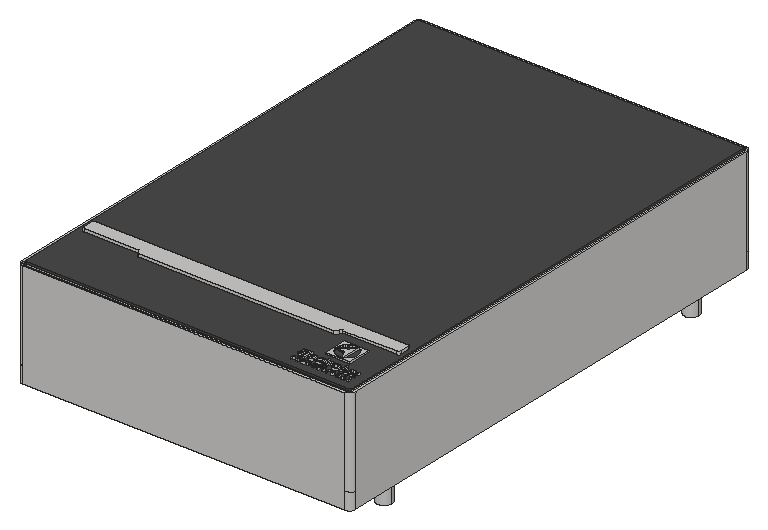
Revit family "QF_ELECTROLUXPROFESSIONAL_600903_E1HAEEOMCU", category Specialty Equipment, Revit 2018
Family settings
  Round Connector Dimension = Use Diameter
  Part Type = Normal
  Work Plane-Based = No
  Always vertical = Yes
  Cut with Voids When Loaded = No
  Shared = No
  Room Calculation Point = No
Parameters (values of type "Standard")
  Watts = 0 W
  Volts = 220 V
  URL = "http://professional.electrolux.com"
  Steam Supply Size = 0 mm
  Steam Supply Minimum Pressure = 0.0 Pa
  Steam Supply Maximum Pressure = 0.0 Pa
  Steam Pounds per Hour = 0
  Show Logo [instance] = yes
  Manufacturer = "Electrolux Professional"
  Phase = 1
  Model = "E1HAEEOMCS"
  Item Number = "600879"
  Hot Water Size = 0 mm
  HP = "4 HP"
  Gas Size = 0 mm
  Gas KW = 0
  Direct Waste Size = 0 mm
  Description = "PLUG-IN INDUCTION DOUBLE ZONE COOK TOP"
  Cycle = 60 Hz
  Condensate Return Size = 0 mm
  Compressed Air Volume = 0.0 L/s
  Compressed Air Size = 0 mm
  Compressed Air Pressure = 0.0 Pa
  Cold Water Size = 0 mm
Values of the unnamed type that differ from the named types
  Volts = 0 V
  Item Number = ""
  Cycle = 0 Hz
Reference planes
  plane 1 "Centro (Fronte/Retro)": y = 74.737
  plane 2: z = 0
  plane 3: x = -514.269
  plane 4 "LEFT": x = -714.269
  plane 5 "RIGHT": x = -314.269
  plane 6 "BACK": y = 374.737
  plane 7 "FRONT": y = -225.263
  plane 8: x = -712.269
  plane 9: y = 372.737
  plane 10: x = -316.269
  plane 11: y = -223.263
  plane 12: y = -124.263
  plane 13: x = -698.269
  plane 14: x = -330.269
  plane 15: y = 304.737
  plane 16: y = -155.263
  plane 17: x = -442.269
  plane 18: y = 179.737
  plane 19: z = 764
Forms (mm)
  Extrusion 1, solid, material "QF_Finishes_Stainless Steel"
    sketch origin (0, 0, 788) x (1, 0, 0) y (0, 1, 0)
      loop
        arc (-707.269, 374.737) -> (-712.218, 372.687) -> (-714.269, 367.737) r 7
        line (-714.269, 367.737) -> (-714.269, -218.263)
        arc (-714.269, -218.263) -> (-712.218, -223.213) -> (-707.269, -225.263) r 7
        line (-707.269, -225.263) -> (-321.269, -225.263)
        arc (-321.269, -225.263) -> (-316.319, -223.213) -> (-314.269, -218.263) r 7
        line (-314.269, -218.263) -> (-314.269, 367.737)
        arc (-314.269, 367.737) -> (-316.319, 372.687) -> (-321.269, 374.737) r 7
        line (-321.269, 374.737) -> (-707.269, 374.737)
    from 0 to 20
  Extrusion 2, solid, material "QF_Finishes_Stainless Steel"
    sketch origin (0, 0, 788) x (1, 0, 0) y (0, 1, 0)
      loop
        line (-321.269, 374.737) -> (-707.269, 374.737)
        arc (-707.269, 374.737) -> (-712.218, 372.687) -> (-714.269, 367.737) r 7
        line (-714.269, 367.737) -> (-714.269, -218.263)
        arc (-714.269, -218.263) -> (-712.218, -223.213) -> (-707.269, -225.263) r 7
        line (-707.269, -225.263) -> (-321.269, -225.263)
        arc (-321.269, -225.263) -> (-316.319, -223.213) -> (-314.269, -218.263) r 7
        line (-314.269, -218.263) -> (-314.269, 367.737)
        arc (-314.269, 367.737) -> (-316.319, 372.687) -> (-321.269, 374.737) r 7
      loop
        arc (-707.269, 372.737) -> (-710.804, 371.273) -> (-712.269, 367.737) r 5
        line (-712.269, 367.737) -> (-712.269, -218.263)
        arc (-712.269, -218.263) -> (-710.804, -221.798) -> (-707.269, -223.263) r 5
        line (-707.269, -223.263) -> (-321.269, -223.263)
        arc (-321.269, -223.263) -> (-317.733, -221.798) -> (-316.269, -218.263) r 5
        line (-316.269, -218.263) -> (-316.269, 367.737)
        arc (-316.269, 367.737) -> (-317.733, 371.273) -> (-321.269, 372.737) r 5
        line (-321.269, 372.737) -> (-707.269, 372.737)
    from 20 to 126
  Extrusion 3, solid, material "QF_Finishes_Black"
    sketch origin (0, 0, 914) x (-1, 0, 0) y (0, -1, 0)
      loop
        arc (707.269, -369.737) -> (708.683, -369.151) -> (709.269, -367.737) r 2
        line (709.269, -367.737) -> (709.269, 218.263)
        arc (709.269, 218.263) -> (708.683, 219.677) -> (707.269, 220.263) r 2
        line (707.269, 220.263) -> (321.269, 220.263)
        arc (321.269, 220.263) -> (319.854, 219.677) -> (319.269, 218.263) r 2
        line (319.269, 218.263) -> (319.269, -367.737)
        arc (319.269, -367.737) -> (319.854, -369.151) -> (321.269, -369.737) r 2
        line (321.269, -369.737) -> (707.269, -369.737)
    from 0 to 2
  Extrusion 4, solid, material "QF_Finishes_Stainless Steel"
    sketch origin (0, 0, 914) x (-1, 0, 0) y (0, -1, 0)
      loop
        arc (701.269, 124.263) -> (703.39, 125.142) -> (704.269, 127.263) r 3
        line (704.269, 127.263) -> (704.269, 137.763)
        arc (704.269, 137.763) -> (703.39, 139.884) -> (701.269, 140.763) r 3
        line (701.269, 140.763) -> (637.269, 140.763)
        arc (637.269, 140.763) -> (635.147, 141.642) -> (634.269, 143.763) r 3
        arc (634.269, 143.763) -> (633.39, 145.884) -> (631.269, 146.763) r 3
        line (631.269, 146.763) -> (397.269, 146.763)
        arc (397.269, 146.763) -> (395.147, 145.884) -> (394.269, 143.763) r 3
        arc (394.269, 143.763) -> (393.39, 141.642) -> (391.269, 140.763) r 3
        line (391.269, 140.763) -> (327.269, 140.763)
        arc (327.269, 140.763) -> (325.147, 139.884) -> (324.269, 137.763) r 3
        line (324.269, 137.763) -> (324.269, 127.263)
        arc (324.269, 127.263) -> (325.147, 125.142) -> (327.269, 124.263) r 3
        line (327.269, 124.263) -> (701.269, 124.263)
    from 2 to 5
  Extrusion 5, solid, material "QF_Finishes_Stainless Steel"
    sketch origin (0, 0, 140) x (-1, 0, 0) y (0, -1, 0)
      loop
        circle (698.269, -304.737) r 9
      loop
        circle (330.269, -304.737) r 9
      loop
        circle (698.269, 155.263) r 9
      loop
        circle (330.269, 155.263) r 9
    from 624 to 648
  Extrusion 6, solid, material "QF_Finishes_Stainless Steel"
    sketch origin (0, 0, 140) x (-1, 0, 0) y (0, -1, 0)
      loop
        circle (442.269, -179.737) r 10
    from 638.028 to 648
Cuts and joins
  joined: Extrusion 1, Extrusion 2
Lines and regions (mm)
  Split face 1
    outline origin (0, 0, 916) x (-1, 0, 0) y (0, -1, 0)
      loop
        line (324.269, 124.263) -> (324.269, -364.737) -> (704.269, -364.737) -> (704.269, 124.263) -> (324.269, 124.263)
  Split face 2
    outline origin (0, 0, 916) x (-1, 0, 0) y (0, -1, 0)
      loop
        circle (514.269, -237.487) r 104
  Split face 3
    outline origin (0, 240.474, 916) x (-1, 0, 0) y (0, -1, 0)
      loop
        circle (514.269, 237.487) r 104
  symbolic lines
    curve 1: line (-321.269, 374.737, 126) -> (-707.269, 374.737, 126)
    curve 2: arc (-707.269, 374.737, 126) -> (-712.218, 372.687, 126) -> (-714.269, 367.737, 126) r 7
    curve 3: line (-714.269, 367.737, 126) -> (-714.269, -218.263, 126)
    curve 4: arc (-714.269, -218.263, 126) -> (-712.218, -223.213, 126) -> (-707.269, -225.263, 126) r 7
    curve 5: line (-707.269, -225.263, 126) -> (-321.269, -225.263, 126)
    curve 6: arc (-321.269, -225.263, 126) -> (-316.319, -223.213, 126) -> (-314.269, -218.263, 126) r 7
    curve 7: line (-314.269, -218.263, 126) -> (-314.269, 367.737, 126)
    curve 8: arc (-314.269, 367.737, 126) -> (-316.319, 372.687, 126) -> (-321.269, 374.737, 126) r 7
    curve 9: line (-707.269, 372.737, 126) -> (-321.269, 372.737, 126)
    curve 10: arc (-321.269, 372.737, 126) -> (-317.733, 371.273, 126) -> (-316.269, 367.737, 126) r 5
    curve 11: line (-316.269, 367.737, 126) -> (-316.269, -218.263, 126)
    curve 12: arc (-316.269, -218.263, 126) -> (-317.733, -221.798, 126) -> (-321.269, -223.263, 126) r 5
    curve 13: line (-321.269, -223.263, 126) -> (-707.269, -223.263, 126)
    curve 14: arc (-707.269, -223.263, 126) -> (-710.804, -221.798, 126) -> (-712.269, -218.263, 126) r 5
    curve 15: line (-712.269, -218.263, 126) -> (-712.269, 367.737, 126)
    curve 16: arc (-712.269, 367.737, 126) -> (-710.804, 371.273, 126) -> (-707.269, 372.737, 126) r 5
    curve 17: line (-631.269, -146.763, 126) -> (-397.269, -146.763, 126)
    curve 18: arc (-397.269, -146.763, 126) -> (-395.147, -145.884, 126) -> (-394.269, -143.763, 126) r 3
    curve 19: arc (-394.269, -143.763, 126) -> (-393.39, -141.642, 126) -> (-391.269, -140.763, 126) r 3
    curve 20: line (-391.269, -140.763, 126) -> (-327.269, -140.763, 126)
    curve 21: arc (-327.269, -140.763, 126) -> (-325.147, -139.884, 126) -> (-324.269, -137.763, 126) r 3
    curve 22: line (-324.269, -137.763, 126) -> (-324.269, -127.263, 126)
    curve 23: arc (-324.269, -127.263, 126) -> (-325.147, -125.142, 126) -> (-327.269, -124.263, 126) r 3
    curve 24: line (-324.269, -124.263, 126) -> (-704.269, -124.263, 126)
    curve 25: arc (-701.269, -124.263, 126) -> (-703.39, -125.142, 126) -> (-704.269, -127.263, 126) r 3
    curve 26: line (-704.269, -127.263, 126) -> (-704.269, -137.763, 126)
    curve 27: arc (-704.269, -137.763, 126) -> (-703.39, -139.884, 126) -> (-701.269, -140.763, 126) r 3
    curve 28: line (-701.269, -140.763, 126) -> (-637.269, -140.763, 126)
    curve 29: arc (-637.269, -140.763, 126) -> (-635.147, -141.642, 126) -> (-634.269, -143.763, 126) r 3
    curve 30: arc (-634.269, -143.763, 126) -> (-633.39, -145.884, 126) -> (-631.269, -146.763, 126) r 3
    curve 31: line (-704.269, 364.737, 126) -> (-704.269, -124.263, 126)
    curve 32: line (-324.269, -124.263, 126) -> (-324.269, 364.737, 126)
    curve 33: line (-324.269, 364.737, 126) -> (-704.269, 364.737, 126)
    curve 34: line (-319.269, -218.263, 126) -> (-319.269, 367.737, 126)
    curve 35: arc (-319.269, 367.737, 126) -> (-319.854, 369.151, 126) -> (-321.269, 369.737, 126) r 2
    curve 36: line (-321.269, 369.737, 126) -> (-707.269, 369.737, 126)
    curve 37: arc (-707.269, 369.737, 126) -> (-708.683, 369.151, 126) -> (-709.269, 367.737, 126) r 2
    curve 38: line (-709.269, 367.737, 126) -> (-709.269, -218.263, 126)
    curve 39: arc (-709.269, -218.263, 126) -> (-708.683, -219.677, 126) -> (-707.269, -220.263, 126) r 2
    curve 40: line (-707.269, -220.263, 126) -> (-321.269, -220.263, 126)
    curve 41: arc (-321.269, -220.263, 126) -> (-319.854, -219.677, 126) -> (-319.269, -218.263, 126) r 2
    curve 42: line (-378.626, -153.452, 126) -> (-378.626, -182.168, 126)
    curve 43: line (-378.626, -182.168, 126) -> (-349.912, -182.168, 126)
    curve 44: line (-349.912, -182.168, 126) -> (-349.912, -153.452, 126)
    curve 45: line (-349.912, -153.452, 126) -> (-378.626, -153.452, 126)
    curve 46: line (-375.841, -162.424, 126) -> (-375.07, -161.023, 126)
    curve 47: line (-375.07, -161.023, 126) -> (-374.141, -159.732, 126)
    curve 48: line (-374.141, -159.732, 126) -> (-373.065, -158.564, 126)
    curve 49: line (-373.065, -158.564, 126) -> (-371.856, -157.535, 126)
    curve 50: line (-371.856, -157.535, 126) -> (-370.527, -156.661, 126)
    curve 51: line (-370.527, -156.661, 126) -> (-369.091, -155.954, 126)
    curve 52: line (-369.091, -155.954, 126) -> (-367.562, -155.431, 126)
    curve 53: line (-367.562, -155.431, 126) -> (-365.952, -155.107, 126)
    curve 54: arc (-365.952, -155.107, 126) -> (-363.752, -155.007, 126) -> (-361.567, -155.279, 126) r 13.008
    curve 55: arc (-361.567, -155.279, 126) -> (-361.815, -157.647, 126) -> (-362.651, -159.876, 126) r 9.395
    curve 56: line (-362.651, -159.876, 126) -> (-363.438, -161.245, 126)
    curve 57: line (-363.438, -161.245, 126) -> (-364.403, -162.507, 126)
    curve 58: line (-364.403, -162.507, 126) -> (-365.524, -163.648, 126)
    curve 59: line (-365.524, -163.648, 126) -> (-366.781, -164.654, 126)
    curve 60: line (-366.781, -164.654, 126) -> (-368.151, -165.509, 126)
    curve 61: line (-368.151, -165.509, 126) -> (-369.615, -166.2, 126)
    curve 62: line (-369.615, -166.2, 126) -> (-371.15, -166.712, 126)
    curve 63: line (-371.15, -166.712, 126) -> (-372.736, -167.029, 126)
    curve 64: line (-372.736, -167.029, 126) -> (-374.352, -167.138, 126)
    curve 65: line (-374.352, -167.138, 126) -> (-377.067, -167.138, 126)
    curve 66: line (-377.067, -167.138, 126) -> (-376.852, -165.495, 126)
    curve 67: line (-376.852, -165.495, 126) -> (-376.439, -163.92, 126)
    curve 68: line (-376.439, -163.92, 126) -> (-375.841, -162.424, 126)
    curve 69: line (-360.221, -179.969, 126) -> (-360.221, -155.646, 126)
    curve 70: line (-360.221, -155.646, 126) -> (-358.743, -156.237, 126)
    curve 71: line (-358.743, -156.237, 126) -> (-357.363, -157.003, 126)
    curve 72: line (-357.363, -157.003, 126) -> (-356.095, -157.931, 126)
    curve 73: line (-356.095, -157.931, 126) -> (-354.951, -159.007, 126)
    curve 74: line (-354.951, -159.007, 126) -> (-353.945, -160.217, 126)
    curve 75: line (-353.945, -160.217, 126) -> (-353.092, -161.548, 126)
    curve 76: line (-353.092, -161.548, 126) -> (-352.403, -162.986, 126)
    curve 77: line (-352.403, -162.986, 126) -> (-351.894, -164.517, 126)
    curve 78: line (-351.894, -164.517, 126) -> (-351.576, -166.128, 126)
    curve 79: line (-351.576, -166.128, 126) -> (-351.464, -167.804, 126)
    curve 80: line (-351.464, -167.804, 126) -> (-351.567, -169.456, 126)
    curve 81: line (-351.567, -169.456, 126) -> (-351.873, -171.047, 126)
    curve 82: line (-351.873, -171.047, 126) -> (-352.372, -172.563, 126)
    curve 83: line (-352.372, -172.563, 126) -> (-353.05, -173.992, 126)
    curve 84: line (-353.05, -173.992, 126) -> (-353.897, -175.319, 126)
    curve 85: line (-353.897, -175.319, 126) -> (-354.899, -176.532, 126)
    curve 86: line (-354.899, -176.532, 126) -> (-356.044, -177.617, 126)
    curve 87: line (-356.044, -177.617, 126) -> (-357.321, -178.56, 126)
    curve 88: line (-357.321, -178.56, 126) -> (-358.718, -179.349, 126)
    curve 89: line (-358.718, -179.349, 126) -> (-360.221, -179.969, 126)
    curve 90: line (-369.613, -169.43, 126) -> (-368.15, -170.12, 126)
    curve 91: line (-368.15, -170.12, 126) -> (-366.78, -170.975, 126)
    curve 92: line (-366.78, -170.975, 126) -> (-365.524, -171.98, 126)
    curve 93: line (-365.524, -171.98, 126) -> (-364.403, -173.12, 126)
    curve 94: line (-364.403, -173.12, 126) -> (-363.439, -174.381, 126)
    curve 95: line (-363.439, -174.381, 126) -> (-362.652, -175.748, 126)
    curve 96: arc (-362.652, -175.748, 126) -> (-361.85, -177.982, 126) -> (-361.568, -180.34, 126) r 10.532
    curve 97: arc (-361.568, -180.34, 126) -> (-362.906, -180.548, 126) -> (-364.258, -180.63, 126) r 14.39
    curve 98: line (-364.258, -180.63, 126) -> (-365.828, -180.532, 126)
    curve 99: line (-365.828, -180.532, 126) -> (-367.331, -180.252, 126)
    curve 100: line (-367.331, -180.252, 126) -> (-368.77, -179.801, 126)
    curve 101: line (-368.77, -179.801, 126) -> (-370.134, -179.191, 126)
    curve 102: line (-370.134, -179.191, 126) -> (-371.411, -178.434, 126)
    curve 103: line (-371.411, -178.434, 126) -> (-372.589, -177.541, 126)
    curve 104: line (-372.589, -177.541, 126) -> (-373.656, -176.525, 126)
    curve 105: line (-373.656, -176.525, 126) -> (-374.6, -175.397, 126)
    curve 106: line (-374.6, -175.397, 126) -> (-375.41, -174.168, 126)
    curve 107: line (-375.41, -174.168, 126) -> (-376.073, -172.852, 126)
    curve 108: line (-376.073, -172.852, 126) -> (-376.579, -171.46, 126)
    curve 109: line (-376.579, -171.46, 126) -> (-376.915, -170.003, 126)
    curve 110: line (-376.915, -170.003, 126) -> (-377.069, -168.493, 126)
    curve 111: line (-377.069, -168.493, 126) -> (-374.35, -168.493, 126)
    curve 112: line (-374.35, -168.493, 126) -> (-372.734, -168.602, 126)
    curve 113: line (-372.734, -168.602, 126) -> (-371.148, -168.919, 126)
    curve 114: line (-371.148, -168.919, 126) -> (-369.613, -169.43, 126)
    curve 115: arc (-399.495, -197.154, 126) -> (-398.466, -199.638, 126) -> (-395.982, -200.667, 126) r 3.513
    curve 116: line (-395.982, -200.667, 126) -> (-392.408, -200.667, 126)
    curve 117: line (-392.408, -200.667, 126) -> (-392.408, -198.85, 126)
    curve 118: line (-392.408, -198.85, 126) -> (-395.966, -198.85, 126)
    curve 119: arc (-395.966, -198.85, 126) -> (-397.094, -198.382, 126) -> (-397.562, -197.254, 126) r 1.596
    curve 120: line (-397.562, -197.254, 126) -> (-397.562, -195.74, 126)
    curve 121: line (-397.562, -195.74, 126) -> (-392.843, -195.74, 126)
    curve 122: line (-392.843, -195.74, 126) -> (-392.843, -193.917, 126)
    curve 123: line (-392.843, -193.917, 126) -> (-397.563, -193.917, 126)
    curve 124: line (-397.563, -193.917, 126) -> (-397.563, -191.264, 126)
    curve 125: line (-397.563, -191.264, 126) -> (-392.542, -191.264, 126)
    curve 126: line (-392.542, -191.264, 126) -> (-392.542, -189.445, 126)
    curve 127: line (-392.542, -189.445, 126) -> (-399.495, -189.445, 126)
    curve 128: line (-399.495, -189.445, 126) -> (-399.495, -193.353, 126)
    curve 129: line (-399.495, -193.353, 126) -> (-399.495, -197.154, 126)
    curve 130: line (-389.101, -189.455, 126) -> (-391.035, -189.455, 126)
    curve 131: line (-391.035, -189.455, 126) -> (-391.035, -194.76, 126)
    curve 132: line (-391.035, -194.76, 126) -> (-391.035, -200.681, 126)
    curve 133: line (-391.035, -200.681, 126) -> (-389.101, -200.681, 126)
    curve 134: line (-389.101, -200.681, 126) -> (-389.101, -194.721, 126)
    curve 135: line (-389.101, -194.721, 126) -> (-389.101, -189.455, 126)
    curve 136: arc (-380.394, -193.787, 126) -> (-383.654, -192.313, 126) -> (-386.913, -193.787, 126) r 4.34
    curve 137: arc (-386.913, -193.787, 126) -> (-387.819, -196.606, 126) -> (-386.913, -199.425, 126) r 4.838
    curve 138: arc (-386.913, -199.425, 126) -> (-383.498, -200.88, 126) -> (-380.082, -199.425, 126) r 4.737
    curve 139: line (-380.082, -199.425, 126) -> (-381.246, -198.293, 126)
    curve 140: arc (-381.246, -198.293, 126) -> (-383.382, -199.237, 126) -> (-385.517, -198.293, 126) r 2.888
    curve 141: arc (-385.517, -198.293, 126) -> (-385.841, -197.736, 126) -> (-385.905, -197.095, 126) r 1.527
    curve 142: line (-385.905, -197.095, 126) -> (-379.564, -197.095, 126)
    curve 143: arc (-379.564, -197.095, 126) -> (-379.672, -195.364, 126) -> (-380.394, -193.787, 126) r 4.757
    curve 144: line (-381.505, -195.736, 126) -> (-385.858, -195.736, 126)
    curve 145: arc (-385.858, -195.736, 126) -> (-385.043, -194.411, 126) -> (-383.56, -193.941, 126) r 2.23
    curve 146: arc (-383.56, -193.941, 126) -> (-382.221, -194.482, 126) -> (-381.505, -195.736, 126) r 2.201
    curve 147: arc (-372.029, -198.26, 126) -> (-376.639, -196.593, 126) -> (-372.029, -194.927, 126) r 2.606
    curve 148: line (-372.029, -194.927, 126) -> (-370.832, -193.681, 126)
    curve 149: arc (-370.832, -193.681, 126) -> (-378.564, -196.594, 126) -> (-370.832, -199.507, 126) r 4.415
    curve 150: line (-370.832, -199.507, 126) -> (-372.029, -198.26, 126)
    curve 151: line (-369.629, -193.481, 126) -> (-369.629, -197.299, 126)
    curve 152: arc (-369.629, -197.299, 126) -> (-368.592, -199.893, 126) -> (-365.911, -200.681, 126) r 3.196
    curve 153: line (-365.911, -200.681, 126) -> (-365.904, -198.864, 126)
    curve 154: arc (-365.904, -198.864, 126) -> (-367.239, -198.457, 126) -> (-367.699, -197.14, 126) r 1.542
    curve 155: line (-367.699, -197.14, 126) -> (-367.699, -194.319, 126)
    curve 156: line (-367.699, -194.319, 126) -> (-365.94, -194.319, 126)
    curve 157: line (-365.94, -194.319, 126) -> (-365.94, -192.562, 126)
    curve 158: line (-365.94, -192.562, 126) -> (-367.696, -192.562, 126)
    curve 159: line (-367.696, -192.562, 126) -> (-367.696, -189.455, 126)
    curve 160: line (-367.696, -189.455, 126) -> (-369.629, -189.455, 126)
    curve 161: line (-369.629, -189.455, 126) -> (-369.629, -193.481, 126)
    curve 162: arc (-359.402, -192.451, 126) -> (-361.13, -192.587, 126) -> (-362.397, -193.771, 126) r 2.627
    curve 163: line (-362.397, -193.771, 126) -> (-362.397, -192.563, 126)
    curve 164: line (-362.397, -192.563, 126) -> (-364.315, -192.563, 126)
    curve 165: line (-364.315, -192.563, 126) -> (-364.315, -196.541, 126)
    curve 166: line (-364.315, -196.541, 126) -> (-364.315, -200.681, 126)
    curve 167: line (-364.315, -200.681, 126) -> (-362.397, -200.681, 126)
    curve 168: line (-362.397, -200.681, 126) -> (-362.397, -196.412, 126)
    curve 169: arc (-362.397, -196.412, 126) -> (-361.445, -194.585, 126) -> (-359.402, -194.319, 126) r 2.229
    curve 170: line (-359.402, -194.319, 126) -> (-359.402, -192.451, 126)
    curve 171: arc (-350.248, -196.625, 126) -> (-354.668, -192.205, 126) -> (-359.088, -196.625, 126) r 4.42
    curve 172: arc (-359.088, -196.625, 126) -> (-354.668, -201.046, 126) -> (-350.248, -196.625, 126) r 4.42
    curve 173: arc (-357.176, -196.625, 126) -> (-354.668, -194.117, 126) -> (-352.16, -196.625, 126) r 2.508
    curve 174: arc (-352.16, -196.625, 126) -> (-354.668, -199.134, 126) -> (-357.176, -196.625, 126) r 2.508
    curve 175: line (-347.124, -189.454, 126) -> (-349.058, -189.454, 126)
    curve 176: line (-349.058, -189.454, 126) -> (-349.058, -194.566, 126)
    curve 177: line (-349.058, -194.566, 126) -> (-349.058, -200.682, 126)
    curve 178: line (-349.058, -200.682, 126) -> (-347.124, -200.682, 126)
    curve 179: line (-347.124, -200.682, 126) -> (-347.124, -194.643, 126)
    curve 180: line (-347.124, -194.643, 126) -> (-347.124, -189.454, 126)
    curve 181: line (-343.697, -192.562, 126) -> (-345.646, -192.562, 126)
    curve 182: line (-345.646, -192.562, 126) -> (-345.646, -194.915, 126)
    curve 183: line (-345.646, -194.915, 126) -> (-345.646, -197.715, 126)
    curve 184: arc (-345.646, -197.715, 126) -> (-341.931, -201.044, 126) -> (-338.204, -197.728, 126) r 3.745
    curve 185: line (-338.204, -197.728, 126) -> (-338.204, -194.915, 126)
    curve 186: line (-338.204, -194.915, 126) -> (-338.204, -192.562, 126)
    curve 187: line (-338.204, -192.562, 126) -> (-340.152, -192.562, 126)
    curve 188: line (-340.152, -192.562, 126) -> (-340.152, -197.299, 126)
    curve 189: arc (-340.152, -197.299, 126) -> (-341.925, -199.071, 126) -> (-343.697, -197.299, 126) r 1.772
    curve 190: line (-343.697, -197.299, 126) -> (-343.697, -192.562, 126)
    curve 191: line (-334.237, -196.397, 126) -> (-335.916, -198.735, 126)
    curve 192: line (-335.916, -198.735, 126) -> (-337.313, -200.682, 126)
    curve 193: line (-337.313, -200.682, 126) -> (-335.235, -200.682, 126)
    curve 194: line (-335.235, -200.682, 126) -> (-333.174, -197.813, 126)
    curve 195: line (-333.174, -197.813, 126) -> (-331.112, -200.682, 126)
    curve 196: line (-331.112, -200.682, 126) -> (-329.034, -200.682, 126)
    curve 197: line (-329.034, -200.682, 126) -> (-330.891, -198.085, 126)
    curve 198: line (-330.891, -198.085, 126) -> (-332.11, -196.38, 126)
    curve 199: line (-332.11, -196.38, 126) -> (-330.601, -194.325, 126)
    curve 200: line (-330.601, -194.325, 126) -> (-329.308, -192.563, 126)
    curve 201: line (-329.308, -192.563, 126) -> (-331.418, -192.563, 126)
    curve 202: line (-331.418, -192.563, 126) -> (-333.174, -194.995, 126)
    curve 203: line (-333.174, -194.995, 126) -> (-334.946, -192.563, 126)
    curve 204: line (-334.946, -192.563, 126) -> (-337.039, -192.563, 126)
    curve 205: line (-337.039, -192.563, 126) -> (-335.839, -194.205, 126)
    curve 206: line (-335.839, -194.205, 126) -> (-334.237, -196.397, 126)
    curve 207: line (-399.467, -205.699, 126) -> (-399.467, -209.59, 126)
    curve 208: line (-399.467, -209.59, 126) -> (-398.667, -209.59, 126)
    curve 209: line (-398.667, -209.59, 126) -> (-398.667, -208.271, 126)
    curve 210: line (-398.667, -208.271, 126) -> (-397.697, -208.271, 126)
    curve 211: arc (-397.697, -208.271, 126) -> (-396.674, -206.863, 126) -> (-397.967, -205.699, 126) r 1.3
    curve 212: line (-397.967, -205.699, 126) -> (-399.467, -205.699, 126)
    curve 213: line (-398.667, -207.52, 126) -> (-398.667, -206.434, 126)
    curve 214: line (-398.667, -206.434, 126) -> (-397.861, -206.434, 126)
    curve 215: arc (-397.861, -206.434, 126) -> (-397.461, -206.977, 126) -> (-397.861, -207.52, 126) r 0.569
    curve 216: line (-397.861, -207.52, 126) -> (-398.667, -207.52, 126)
    curve 217: line (-393.389, -205.699, 126) -> (-393.389, -209.59, 126)
    curve 218: line (-393.389, -209.59, 126) -> (-392.589, -209.59, 126)
    curve 219: line (-392.589, -209.59, 126) -> (-392.589, -208.249, 126)
    curve 220: line (-392.589, -208.249, 126) -> (-391.763, -208.249, 126)
    curve 221: line (-391.763, -208.249, 126) -> (-390.957, -209.59, 126)
    curve 222: line (-390.957, -209.59, 126) -> (-390.05, -209.59, 126)
    curve 223: line (-390.05, -209.59, 126) -> (-391.058, -207.929, 126)
    curve 224: arc (-391.058, -207.929, 126) -> (-390.677, -206.531, 126) -> (-391.863, -205.699, 126) r 1.26
    curve 225: line (-391.863, -205.699, 126) -> (-393.389, -205.699, 126)
    curve 226: line (-392.589, -207.52, 126) -> (-392.589, -206.434, 126)
    curve 227: line (-392.589, -206.434, 126) -> (-391.782, -206.434, 126)
    curve 228: arc (-391.782, -206.434, 126) -> (-391.383, -206.977, 126) -> (-391.782, -207.52, 126) r 0.569
    curve 229: line (-391.782, -207.52, 126) -> (-392.589, -207.52, 126)
    curve 230: arc (-386.695, -207.668, 126) -> (-385.407, -206.38, 126) -> (-384.119, -207.668, 126) r 1.288
    curve 231: arc (-384.119, -207.668, 126) -> (-385.407, -208.956, 126) -> (-386.695, -207.668, 126) r 1.288
    curve 232: arc (-383.342, -207.668, 126) -> (-385.407, -205.603, 126) -> (-387.472, -207.668, 126) r 2.065
    curve 233: arc (-387.472, -207.668, 126) -> (-385.407, -209.733, 126) -> (-383.342, -207.668, 126) r 2.065
    curve 234: line (-379.969, -205.699, 126) -> (-379.969, -209.59, 126)
    curve 235: line (-379.969, -209.59, 126) -> (-379.169, -209.59, 126)
    curve 236: line (-379.169, -209.59, 126) -> (-379.169, -208.099, 126)
    curve 237: line (-379.169, -208.099, 126) -> (-377.704, -208.099, 126)
    curve 238: line (-377.704, -208.099, 126) -> (-377.704, -207.299, 126)
    curve 239: line (-377.704, -207.299, 126) -> (-379.169, -207.299, 126)
    curve 240: line (-379.169, -207.299, 126) -> (-379.169, -206.499, 126)
    curve 241: line (-379.169, -206.499, 126) -> (-377.564, -206.499, 126)
    curve 242: line (-377.564, -206.499, 126) -> (-377.564, -205.699, 126)
    curve 243: line (-377.564, -205.699, 126) -> (-379.969, -205.699, 126)
    curve 244: line (-374.264, -205.699, 126) -> (-374.264, -208.344, 126)
    curve 245: arc (-374.264, -208.344, 126) -> (-373.899, -209.225, 126) -> (-373.017, -209.59, 126) r 1.246
    curve 246: line (-373.017, -209.59, 126) -> (-371.761, -209.59, 126)
    curve 247: line (-371.761, -209.59, 126) -> (-371.761, -208.79, 126)
    curve 248: line (-371.761, -208.79, 126) -> (-372.922, -208.79, 126)
    curve 249: arc (-372.922, -208.79, 126) -> (-373.361, -208.576, 126) -> (-373.464, -208.099, 126) r 0.558
    curve 250: line (-373.464, -208.099, 126) -> (-371.907, -208.099, 126)
    curve 251: line (-371.907, -208.099, 126) -> (-371.907, -207.299, 126)
    curve 252: line (-371.907, -207.299, 126) -> (-373.464, -207.299, 126)
    curve 253: line (-373.464, -207.299, 126) -> (-373.464, -206.499, 126)
    curve 254: line (-373.464, -206.499, 126) -> (-371.799, -206.499, 126)
    curve 255: line (-371.799, -206.499, 126) -> (-371.799, -205.699, 126)
    curve 256: line (-371.799, -205.699, 126) -> (-374.264, -205.699, 126)
    curve 257: arc (-368.711, -208.718, 126) -> (-367.818, -209.538, 126) -> (-366.606, -209.568, 126) r 1.725
    curve 258: arc (-366.606, -209.568, 126) -> (-365.785, -208.793, 126) -> (-366.071, -207.702, 126) r 1.107
    curve 259: arc (-366.071, -207.702, 126) -> (-366.648, -207.348, 126) -> (-367.264, -207.067, 126) r 5.523
    curve 260: arc (-367.264, -207.067, 126) -> (-367.604, -206.55, 126) -> (-367.043, -206.293, 126) r 0.407
    curve 261: arc (-367.043, -206.293, 126) -> (-366.706, -206.498, 126) -> (-366.425, -206.775, 126) r 1.702
    curve 262: line (-366.425, -206.775, 126) -> (-365.74, -206.363, 126)
    curve 263: arc (-365.74, -206.363, 126) -> (-366.172, -205.902, 126) -> (-366.708, -205.566, 126) r 2.463
    curve 264: arc (-366.708, -205.566, 126) -> (-368.378, -206.347, 126) -> (-367.331, -207.864, 126) r 1.207
    curve 265: line (-367.331, -207.864, 126) -> (-366.868, -208.812, 126)
    curve 266: arc (-366.868, -208.812, 126) -> (-367.513, -208.798, 126) -> (-367.991, -208.367, 126) r 0.925
    curve 267: line (-367.991, -208.367, 126) -> (-368.711, -208.718, 126)
    curve 268: arc (-362.851, -208.718, 126) -> (-361.958, -209.538, 126) -> (-360.746, -209.568, 126) r 1.725
    curve 269: arc (-360.746, -209.568, 126) -> (-359.926, -208.793, 126) -> (-360.211, -207.702, 126) r 1.107
    curve 270: arc (-360.211, -207.702, 126) -> (-360.788, -207.348, 126) -> (-361.405, -207.067, 126) r 5.523
    curve 271: arc (-361.405, -207.067, 126) -> (-361.745, -206.55, 126) -> (-361.183, -206.293, 126) r 0.407
    curve 272: arc (-361.183, -206.293, 126) -> (-360.846, -206.498, 126) -> (-360.566, -206.775, 126) r 1.702
    curve 273: line (-360.566, -206.775, 126) -> (-359.88, -206.363, 126)
    curve 274: arc (-359.88, -206.363, 126) -> (-360.313, -205.902, 126) -> (-360.848, -205.566, 126) r 2.463
    curve 275: arc (-360.848, -205.566, 126) -> (-362.518, -206.347, 126) -> (-361.471, -207.864, 126) r 1.207
    curve 276: line (-361.471, -207.864, 126) -> (-361.009, -208.812, 126)
    curve 277: arc (-361.009, -208.812, 126) -> (-361.653, -208.798, 126) -> (-362.132, -208.367, 126) r 0.925
    curve 278: line (-362.132, -208.367, 126) -> (-362.851, -208.718, 126)
    curve 279: line (-356.591, -209.59, 126) -> (-355.791, -209.59, 126)
    curve 280: line (-355.791, -209.59, 126) -> (-355.791, -205.699, 126)
    curve 281: line (-355.791, -205.699, 126) -> (-356.591, -205.699, 126)
    curve 282: line (-356.591, -205.699, 126) -> (-356.591, -209.59, 126)
    curve 283: arc (-352.472, -207.668, 126) -> (-350.407, -209.733, 126) -> (-348.342, -207.668, 126) r 2.065
    curve 284: arc (-348.342, -207.668, 126) -> (-350.407, -205.603, 126) -> (-352.472, -207.668, 126) r 2.065
    curve 285: arc (-351.695, -207.668, 126) -> (-350.407, -206.38, 126) -> (-349.119, -207.668, 126) r 1.288
    curve 286: arc (-349.119, -207.668, 126) -> (-350.407, -208.956, 126) -> (-351.695, -207.668, 126) r 1.288
    curve 287: line (-345.051, -205.699, 126) -> (-345.051, -209.59, 126)
    curve 288: line (-345.051, -209.59, 126) -> (-344.221, -209.59, 126)
    curve 289: line (-344.221, -209.59, 126) -> (-344.221, -207.143, 126)
    curve 290: line (-344.221, -207.143, 126) -> (-342.441, -209.59, 126)
    curve 291: line (-342.441, -209.59, 126) -> (-341.641, -209.59, 126)
    curve 292: line (-341.641, -209.59, 126) -> (-341.641, -205.699, 126)
    curve 293: line (-341.641, -205.699, 126) -> (-342.471, -205.699, 126)
    curve 294: line (-342.471, -205.699, 126) -> (-342.471, -208.219, 126)
    curve 295: line (-342.471, -208.219, 126) -> (-344.251, -205.699, 126)
    curve 296: line (-344.251, -205.699, 126) -> (-345.051, -205.699, 126)
    curve 297: line (-336.895, -205.7, 126) -> (-338.488, -209.59, 126)
    curve 298: line (-338.488, -209.59, 126) -> (-337.629, -209.59, 126)
    curve 299: line (-337.629, -209.59, 126) -> (-337.25, -208.75, 126)
    curve 300: line (-337.25, -208.75, 126) -> (-335.811, -208.75, 126)
    curve 301: line (-335.811, -208.75, 126) -> (-335.432, -209.59, 126)
    curve 302: line (-335.432, -209.59, 126) -> (-334.574, -209.59, 126)
    curve 303: line (-334.574, -209.59, 126) -> (-336.095, -205.7, 126)
    curve 304: line (-336.095, -205.7, 126) -> (-336.895, -205.7, 126)
    curve 305: line (-336.947, -207.983, 126) -> (-336.529, -206.965, 126)
    curve 306: line (-336.529, -206.965, 126) -> (-336.131, -207.983, 126)
    curve 307: line (-336.131, -207.983, 126) -> (-336.947, -207.983, 126)
    curve 308: line (-331.398, -205.699, 126) -> (-331.398, -209.59, 126)
    curve 309: line (-331.398, -209.59, 126) -> (-329.102, -209.59, 126)
    curve 310: line (-329.102, -209.59, 126) -> (-329.102, -208.79, 126)
    curve 311: line (-329.102, -208.79, 126) -> (-330.599, -208.79, 126)
    curve 312: line (-330.599, -208.79, 126) -> (-330.599, -205.699, 126)
    curve 313: line (-330.599, -205.699, 126) -> (-331.398, -205.699, 126)
    curve 314: arc (-410.269, 237.487, 126) -> (-514.269, 341.487, 126) -> (-618.269, 237.487, 126) r 104
    curve 315: arc (-618.269, 237.487, 126) -> (-514.269, 133.487, 126) -> (-410.269, 237.487, 126) r 104
    curve 316: arc (-618.269, 2.987, 126) -> (-514.269, 106.987, 126) -> (-410.269, 2.987, 126) r 104
    curve 317: arc (-410.269, 2.987, 126) -> (-514.269, -101.013, 126) -> (-618.269, 2.987, 126) r 104
Dimensions and locks
  equal spacing: plane 4 "LEFT", plane 3, plane 5 "RIGHT"
  plane 4 "LEFT" to plane 5 "RIGHT" = 400 mm
  equal spacing: plane 6 "BACK", plane 1 "Centro (Fronte/Retro)", plane 7 "FRONT"
  plane 6 "BACK" to plane 7 "FRONT" = 600 mm
  locked: plane 4 "LEFT" to plane 13 at 16
  locked: plane 14 to plane 5 "RIGHT" at 16
  locked: plane 6 "BACK" to plane 15 at 70
  locked: plane 16 to plane 7 "FRONT" at 70
  locked: plane 17 to plane 5 "RIGHT" at 128
  locked: plane 6 "BACK" to plane 18 at 195
  Extrusion 4 to Extrusion 5 = 155 mm
  plane 19 to level = 764 mm
  aligned and locked: level to plane 2
  aligned and locked: Extrusion 5 to cut or joined group of Extrusion 1, Extrusion 2
Automatic sketch dimensions
  Extrusion 1 sketch curve to plane 4 "LEFT" = 0 mm
  Extrusion 1 sketch curve to plane 7 "FRONT" = 0 mm
  Extrusion 1 sketch curve to plane 6 "BACK" = 0 mm
  Extrusion 1 sketch curve to plane 5 "RIGHT" = 0 mm
  plane 8 to Extrusion 1 sketch curve = 5 mm  (x2)
  Extrusion 1 sketch curve to plane 10 = 5 mm  (x2)
  Extrusion 2 sketch curve to Extrusion 2 sketch curve = 0 mm  (x8)
  Extrusion 2 sketch curve to plane 4 "LEFT" = 0 mm
  Extrusion 2 sketch curve to plane 8 = 0 mm
  Extrusion 2 sketch curve to plane 6 "BACK" = 0 mm
  Extrusion 2 sketch curve to plane 7 "FRONT" = 0 mm
  Extrusion 2 sketch curve to plane 10 = 0 mm
  Extrusion 2 sketch curve to Extrusion 2 sketch curve = 5 mm  (x2)
  Extrusion 2 sketch curve to plane 10 = 5 mm  (x2)
  Extrusion 3 sketch curve to plane 10 = 3 mm
  Extrusion 3 sketch curve to Extrusion 3 sketch curve = 2 mm  (x3)
  plane 8 to Extrusion 3 sketch curve = 5 mm  (x2)
  Extrusion 3 sketch curve to plane 9 = 3 mm
  plane 11 to Extrusion 3 sketch curve = 5 mm
  Extrusion 4 sketch curve to plane 12 = 0 mm
  plane 14 to Extrusion 4 sketch curve = 6 mm
  plane 14 to Extrusion 4 sketch curve = 3 mm
  Extrusion 4 sketch curve to Extrusion 4 sketch curve = 3 mm  (x2)
  plane 16 to Extrusion 4 sketch curve = 11.5 mm
  plane 17 to Extrusion 4 sketch curve = 51 mm
  Extrusion 4 sketch curve to Extrusion 4 sketch curve = 6 mm  (x2)
  plane 16 to Extrusion 4 sketch curve = 8.5 mm
  plane 13 to Extrusion 4 sketch curve = 67 mm
  Extrusion 4 sketch curve to plane 13 = 3 mm  (x2)
  Extrusion 4 sketch curve to plane 12 = 3 mm
  Extrusion 4 sketch curve to Extrusion 4 sketch curve = 10.5 mm  (x2)
  Split face 1 sketch curve to Extrusion 3 = 5 mm  (x3)
  Split face 1 sketch curve to Extrusion 3 = 96 mm
  Extrusion 5 sketch curve to plane 14 = 0 mm  (x2)
  Extrusion 5 sketch curve to plane 13 = 0 mm  (x2)
  Extrusion 5 sketch curve to plane 15 = 0 mm  (x2)
  Extrusion 5 sketch curve to plane 16 = 0 mm  (x2)
  Extrusion 6 sketch curve to plane 17 = 0 mm
  Extrusion 6 sketch curve to plane 18 = 0 mm
  curve 2 to curve 16 = 0 mm  (x2)
  curve 2 to curve 37 = 0 mm
  curve 4 to curve 14 = 0 mm
  curve 4 to curve 39 = 0 mm  (x2)
  curve 6 to curve 12 = 0 mm  (x2)
  curve 6 to curve 41 = 0 mm
  curve 8 to curve 10 = 0 mm
  curve 8 to curve 35 = 0 mm  (x2)
  curve 10 to curve 35 = 0 mm
  curve 12 to curve 41 = 0 mm
  curve 171 to curve 173 = 0 mm  (x2)
  curve 184 to curve 189 = 0 mm  (x2)
  curve 230 to curve 232 = 0 mm
  curve 230 to curve 233 = 0 mm
  curve 257 to curve 266 = 0 mm  (x2)
  curve 260 to curve 264 = 0 mm  (x2)
  curve 268 to curve 277 = 0 mm  (x2)
  curve 271 to curve 275 = 0 mm  (x2)
  curve 283 to curve 285 = 0 mm
  curve 284 to curve 286 = 0 mm
  curve 7 to plane 5 "RIGHT" = 0 mm
  curve 10 to plane 10 = 0 mm
  curve 6 to plane 7 "FRONT" = 0 mm
  curve 8 to plane 6 "BACK" = 0 mm
  curve 32 to plane 12 = 0 mm
  curve 16 to plane 8 = 0 mm
  curve 34 to plane 10 = 3 mm
  curve 34 to curve 6 = 2 mm
  curve 35 to curve 8 = 2 mm
  curve 10 to curve 32 = 3 mm
  plane 14 to curve 22 = 6 mm
  curve 23 to curve 23 = 3 mm
  curve 21 to curve 21 = 3 mm
  plane 14 to curve 197 = 1.234 mm
  plane 14 to curve 311 = 1.166 mm
  plane 14 to curve 201 = 0.961 mm
  curve 312 to plane 14 = 0.33 mm
  curve 200 to plane 14 = 0.332 mm
  curve 197 to plane 14 = 0.622 mm
  curve 195 to plane 14 = 0.844 mm
  curve 309 to plane 14 = 1.13 mm
  curve 201 to plane 14 = 1.149 mm
  curve 198 to plane 14 = 1.842 mm
  curve 198 to curve 195 = 1.064 mm
  curve 198 to curve 202 = 1.064 mm
  curve 202 to curve 206 = 1.063 mm
  curve 308 to curve 303 = 3.175 mm
  curve 202 to curve 204 = 1.772 mm
  curve 194 to curve 194 = 2.061 mm
  curve 302 to curve 301 = 0.859 mm
  curve 301 to curve 300 = 0.379 mm
  curve 203 to curve 205 = 0.893 mm
  curve 193 to curve 191 = 0.68 mm
  curve 300 to curve 304 = 0.284 mm
  curve 300 to curve 306 = 0.32 mm
  curve 306 to curve 306 = 0.398 mm
  curve 303 to curve 304 = 0.8 mm
  curve 306 to curve 307 = 0.815 mm
  curve 205 to curve 205 = 1.2 mm
  curve 305 to curve 299 = 0.304 mm
  curve 193 to curve 193 = 2.078 mm
  curve 299 to curve 298 = 0.379 mm
  curve 191 to curve 185 = 2.289 mm
  curve 298 to curve 298 = 0.859 mm
  curve 185 to curve 188 = 1.948 mm
  curve 297 to curve 292 = 4.746 mm
  curve 188 to curve 189 = 1.772 mm
  curve 291 to curve 291 = 0.8 mm
  curve 292 to curve 293 = 0.83 mm
  curve 294 to curve 290 = 1.749 mm
  curve 289 to curve 296 = 0.031 mm
  curve 288 to curve 287 = 0.831 mm
  curve 181 to curve 183 = 1.95 mm
  curve 181 to curve 175 = 1.478 mm
  curve 179 to curve 176 = 1.934 mm
  curve 175 to curve 44 = 0.854 mm
  curve 287 to curve 284 = 5.356 mm
  curve 44 to curve 79 = 1.553 mm
  curve 79 to curve 80 = 0.102 mm
  curve 79 to curve 78 = 0.112 mm
  curve 80 to curve 82 = 0.306 mm
  curve 77 to plane 16 = 9.254 mm
  curve 78 to curve 77 = 0.317 mm
  curve 81 to curve 83 = 0.499 mm
  curve 76 to plane 16 = 7.723 mm
  curve 77 to curve 76 = 0.51 mm
  curve 82 to curve 83 = 0.679 mm
  curve 76 to plane 16 = 6.285 mm
  curve 76 to curve 76 = 0.688 mm
  curve 83 to curve 84 = 0.846 mm
  curve 74 to plane 16 = 4.954 mm
  curve 75 to curve 74 = 0.854 mm
  curve 176 to curve 174 = 5.61 mm
  curve 84 to curve 86 = 1.002 mm
  curve 73 to plane 16 = 3.744 mm
  curve 74 to curve 73 = 1.005 mm
  curve 283 to curve 280 = 5.384 mm
  curve 85 to curve 86 = 1.146 mm
  curve 72 to plane 16 = 2.668 mm
  curve 73 to curve 72 = 1.144 mm
  curve 280 to curve 282 = 0.8 mm
  curve 86 to curve 88 = 1.277 mm
  curve 72 to plane 16 = 1.74 mm
  curve 72 to curve 72 = 1.269 mm
  curve 87 to curve 88 = 1.396 mm
  curve 70 to plane 16 = 0.974 mm
  curve 71 to curve 70 = 1.38 mm
  curve 172 to curve 170 = 4.734 mm
  curve 281 to curve 273 = 3.289 mm
  curve 169 to curve 162 = 0.669 mm
  curve 162 to curve 169 = 0.097 mm
  curve 69 to plane 16 = 0.383 mm
  curve 70 to curve 69 = 1.478 mm
  curve 274 to curve 273 = 0.686 mm
  curve 273 to curve 269 = 0.424 mm
  curve 269 to curve 276 = 0.019 mm
  curve 269 to curve 277 = 0.322 mm
  curve 273 to curve 271 = 0.787 mm
  plane 11 to curve 276 = 15.399 mm
  curve 268 to curve 276 = 0.159 mm
  curve 276 to curve 274 = 0.407 mm
  curve 274 to curve 272 = 0.016 mm
  plane 11 to curve 278 = 14.896 mm
  curve 272 to curve 278 = 0.238 mm
  curve 170 to curve 163 = 2.995 mm
  curve 169 to curve 168 = 2.229 mm
  curve 56 to plane 16 = 4.613 mm
  curve 69 to curve 56 = 2.43 mm
  curve 69 to curve 95 = 2.431 mm
  plane 11 to curve 278 = 14.545 mm
  curve 277 to curve 278 = 0.719 mm
  curve 278 to curve 270 = 0.53 mm
  curve 57 to plane 16 = 5.982 mm
  curve 56 to curve 57 = 0.787 mm
  curve 96 to curve 94 = 0.787 mm
  curve 69 to curve 98 = 4.037 mm
  curve 94 to curve 54 = 0.823 mm
  curve 168 to curve 165 = 1.918 mm
  curve 57 to plane 16 = 7.244 mm
  curve 56 to curve 57 = 0.965 mm
  curve 94 to curve 93 = 0.964 mm
  curve 54 to curve 97 = 0.187 mm
  curve 92 to plane 16 = 16.717 mm
  curve 93 to curve 92 = 1.121 mm
  curve 59 to plane 16 = 8.385 mm
  curve 57 to curve 59 = 1.121 mm
  curve 268 to curve 262 = 2.889 mm
  curve 97 to curve 99 = 1.57 mm
  curve 166 to curve 153 = 1.589 mm
  curve 166 to curve 153 = 1.596 mm
  curve 164 to curve 157 = 1.625 mm
  plane 16 to curve 53 = 0.156 mm
  curve 69 to curve 53 = 5.73 mm
  curve 153 to curve 154 = 0.266 mm
  curve 263 to curve 262 = 0.686 mm
  curve 154 to curve 152 = 0.271 mm
  curve 91 to plane 16 = 15.712 mm
  curve 92 to curve 91 = 1.256 mm
  curve 59 to plane 16 = 9.391 mm
  curve 58 to curve 59 = 1.256 mm
  curve 262 to curve 258 = 0.424 mm
  plane 11 to curve 265 = 14.451 mm
  curve 258 to curve 265 = 0.019 mm
  curve 258 to curve 266 = 0.322 mm
  curve 262 to curve 260 = 0.787 mm
  plane 11 to curve 265 = 15.399 mm
  curve 257 to curve 265 = 0.159 mm
  curve 98 to curve 99 = 1.503 mm
  curve 52 to plane 16 = 0.168 mm
  curve 54 to curve 52 = 1.61 mm
  curve 157 to curve 159 = 1.755 mm
  curve 152 to curve 155 = 1.257 mm
  curve 264 to curve 263 = 0.407 mm
  curve 263 to curve 261 = 0.016 mm
  plane 11 to curve 267 = 14.896 mm
  curve 261 to curve 267 = 0.238 mm
  curve 91 to plane 16 = 14.857 mm
  curve 91 to curve 91 = 1.37 mm
  curve 60 to plane 16 = 10.246 mm
  curve 59 to curve 60 = 1.37 mm
  plane 11 to curve 267 = 14.545 mm
  curve 266 to curve 267 = 0.719 mm
  curve 99 to curve 100 = 1.439 mm
  curve 52 to plane 16 = 0.691 mm
  curve 52 to curve 52 = 1.53 mm
  curve 267 to curve 259 = 0.53 mm
  curve 114 to plane 16 = 14.167 mm
  curve 90 to curve 114 = 1.463 mm
  curve 61 to plane 16 = 10.937 mm
  curve 60 to curve 61 = 1.464 mm
  curve 155 to curve 151 = 1.931 mm
  curve 100 to curve 101 = 1.364 mm
  curve 51 to plane 16 = 1.398 mm
  curve 51 to curve 51 = 1.436 mm
  curve 151 to curve 148 = 1.203 mm
  curve 152 to curve 150 = 1.203 mm
  curve 55 to plane 16 = 0.227 mm
  curve 50 to curve 55 = 0.433 mm
  curve 114 to plane 16 = 13.656 mm
  curve 90 to curve 114 = 1.535 mm
  curve 63 to plane 16 = 11.449 mm
  curve 61 to curve 63 = 1.535 mm
  curve 101 to curve 102 = 1.277 mm
  curve 267 to curve 247 = 3.05 mm
  curve 247 to curve 255 = 0.038 mm
  curve 50 to plane 16 = 2.272 mm
  curve 50 to curve 50 = 1.329 mm
  curve 254 to curve 252 = 0.108 mm
  curve 150 to curve 150 = 1.197 mm
  curve 148 to curve 148 = 1.197 mm
  curve 102 to curve 96 = 0.689 mm
  curve 102 to curve 104 = 1.178 mm
  curve 113 to plane 16 = 13.339 mm
  curve 113 to curve 113 = 1.586 mm
  curve 63 to plane 16 = 11.766 mm
  curve 112 to curve 63 = 0.002 mm
  curve 247 to curve 248 = 1.161 mm
  curve 249 to curve 245 = 0.095 mm
  curve 49 to plane 16 = 3.301 mm
  curve 49 to curve 49 = 1.209 mm
  curve 254 to curve 254 = 1.664 mm
  curve 245 to curve 250 = 0.446 mm
  curve 105 to plane 16 = 21.262 mm
  curve 103 to curve 105 = 1.067 mm
  curve 147 to curve 147 = 2.004 mm
  curve 48 to plane 16 = 4.469 mm
  curve 48 to curve 48 = 1.076 mm
  curve 147 to curve 149 = 0.116 mm
  curve 249 to curve 244 = 0.8 mm
  curve 112 to curve 111 = 1.616 mm
  curve 111 to curve 65 = 0.002 mm
  curve 105 to plane 16 = 20.134 mm
  curve 104 to curve 105 = 0.944 mm
  curve 46 to plane 16 = 5.76 mm
  curve 47 to curve 46 = 0.93 mm
  curve 107 to plane 16 = 18.905 mm
  curve 105 to curve 107 = 0.81 mm
  curve 68 to plane 16 = 7.161 mm
  curve 46 to curve 68 = 0.771 mm
  curve 107 to plane 16 = 17.589 mm
  curve 106 to curve 107 = 0.664 mm
  curve 68 to plane 16 = 8.657 mm
  curve 46 to curve 68 = 0.598 mm
  curve 108 to plane 16 = 16.197 mm
  curve 107 to curve 108 = 0.506 mm
  curve 66 to plane 16 = 10.232 mm
  curve 67 to curve 66 = 0.413 mm
  curve 110 to plane 16 = 14.74 mm
  curve 108 to curve 110 = 0.336 mm
  curve 66 to plane 16 = 11.875 mm
  curve 66 to curve 66 = 0.215 mm
  curve 110 to plane 16 = 13.23 mm
  curve 65 to curve 110 = 0.002 mm
  curve 244 to curve 242 = 3.3 mm
  curve 241 to curve 238 = 0.141 mm
  curve 96 to curve 43 = 6.525 mm
  curve 238 to curve 240 = 1.464 mm
  curve 237 to curve 239 = 0 mm
  curve 149 to curve 142 = 5.415 mm
  curve 235 to curve 235 = 0.8 mm
  plane 11 to curve 139 = 23.838 mm
  curve 143 to curve 139 = 0.518 mm
  plane 11 to curve 139 = 24.97 mm
  curve 139 to curve 139 = 1.164 mm
  curve 143 to curve 144 = 1.941 mm
  curve 144 to curve 137 = 1.476 mm
  curve 137 to curve 140 = 0.401 mm
  curve 140 to curve 138 = 0.116 mm
  curve 140 to curve 136 = 0.272 mm
  curve 138 to curve 146 = 0.171 mm
  curve 146 to curve 145 = 0.001 mm
  curve 136 to curve 143 = 0.632 mm
  curve 143 to curve 141 = 0.102 mm
  curve 234 to curve 233 = 5.439 mm
  curve 143 to curve 144 = 1.572 mm
  curve 145 to curve 142 = 0.048 mm
  curve 144 to curve 135 = 3.244 mm
  plane 11 to curve 223 = 13.673 mm
  curve 230 to curve 223 = 4.643 mm
  curve 222 to curve 222 = 0.907 mm
  curve 130 to curve 131 = 1.933 mm
  plane 11 to curve 223 = 15.334 mm
  curve 221 to curve 223 = 0.101 mm
  curve 42 to curve 19 = 12.643 mm
  plane 11 to curve 221 = 15.014 mm
  curve 223 to curve 221 = 0.705 mm
  curve 223 to curve 227 = 0.725 mm
  curve 220 to curve 229 = 0.02 mm
  curve 227 to curve 225 = 0.08 mm
  curve 224 to curve 228 = 0.089 mm
  curve 132 to curve 117 = 1.373 mm
  curve 130 to curve 126 = 1.507 mm
  curve 220 to curve 219 = 0.826 mm
  curve 229 to curve 219 = 0 mm
  curve 131 to curve 123 = 1.808 mm
  curve 218 to curve 217 = 0.8 mm
  curve 117 to curve 118 = 3.558 mm
  curve 119 to curve 115 = 0.017 mm
  curve 19 to curve 18 = 6 mm
  curve 115 to curve 120 = 1.58 mm
  curve 120 to curve 124 = 0.001 mm
  curve 217 to curve 210 = 4.308 mm
  curve 210 to curve 214 = 0.164 mm
  curve 210 to curve 216 = 0.164 mm
  curve 215 to curve 211 = 0.107 mm
  curve 211 to curve 215 = 0.063 mm
  curve 215 to curve 214 = 0.806 mm
  curve 209 to curve 213 = 0 mm
  curve 213 to curve 212 = 0.8 mm
  curve 123 to curve 128 = 1.932 mm
  plane 16 to curve 30 = 11.5 mm
  plane 13 to curve 30 = 67 mm
  curve 30 to curve 28 = 6 mm
  curve 28 to plane 13 = 3 mm
  curve 25 to plane 13 = 3 mm
  curve 25 to curve 26 = 3 mm
  curve 33 to curve 38 = 5 mm
  curve 16 to curve 38 = 2 mm
  curve 39 to curve 38 = 2 mm
  curve 2 to curve 31 = 3 mm
  curve 25 to curve 27 = 10.5 mm
  curve 23 to curve 22 = 10.5 mm
  curve 20 to curve 19 = 3 mm
  curve 30 to curve 17 = 3 mm
  plane 16 to curve 42 = 1.811 mm
  curve 77 to curve 79 = 1.611 mm
  curve 58 to curve 97 = 2.593 mm
  curve 78 to curve 80 = 1.677 mm
  curve 97 to curve 54 = 1.764 mm
  curve 79 to curve 80 = 1.652 mm
  curve 80 to curve 81 = 1.591 mm
  curve 81 to curve 82 = 1.516 mm
  curve 92 to curve 94 = 1.14 mm
  curve 82 to curve 84 = 1.429 mm
  curve 93 to curve 94 = 1.261 mm
  curve 83 to curve 85 = 1.327 mm
  curve 94 to curve 95 = 1.367 mm
  curve 84 to curve 86 = 1.213 mm
  curve 104 to curve 104 = 1.016 mm
  curve 85 to curve 87 = 1.085 mm
  curve 103 to curve 102 = 0.893 mm
  curve 86 to curve 88 = 0.943 mm
  curve 102 to curve 101 = 0.757 mm
  curve 87 to curve 89 = 0.789 mm
  curve 101 to curve 101 = 0.61 mm
  curve 88 to curve 89 = 0.62 mm
  curve 100 to curve 99 = 0.451 mm
  curve 102 to curve 96 = 1.968 mm
  curve 99 to curve 98 = 0.28 mm
  curve 98 to curve 98 = 0.098 mm
  curve 96 to curve 42 = 1.766 mm
  curve 127 to curve 139 = 8.848 mm
  curve 43 to curve 175 = 7.286 mm
  curve 96 to curve 161 = 9.054 mm
  curve 126 to curve 130 = 0.01 mm
  curve 127 to curve 124 = 1.819 mm
  curve 159 to curve 170 = 2.995 mm
  curve 175 to curve 181 = 3.108 mm
  curve 159 to curve 157 = 3.107 mm
  curve 181 to curve 186 = 0 mm
  curve 186 to curve 200 = 0.001 mm
  curve 186 to curve 205 = 0.001 mm
  curve 170 to curve 163 = 0.113 mm
  curve 124 to curve 128 = 2.089 mm
  curve 158 to curve 161 = 0.918 mm
  curve 151 to curve 148 = 0.2 mm
  curve 163 to curve 163 = 1.208 mm
  curve 125 to curve 122 = 2.654 mm
  curve 203 to curve 206 = 1.642 mm
  curve 158 to curve 156 = 1.756 mm
  curve 170 to curve 162 = 0.672 mm
  curve 201 to curve 199 = 1.761 mm
  curve 181 to curve 176 = 2.004 mm
  curve 176 to curve 179 = 0.077 mm
  curve 122 to curve 135 = 0.804 mm
  curve 134 to curve 132 = 0.039 mm
  curve 186 to curve 186 = 2.353 mm
  curve 179 to curve 183 = 0.272 mm
  curve 148 to curve 148 = 1.246 mm
  curve 199 to curve 202 = 0.67 mm
  curve 134 to curve 144 = 1.016 mm
  curve 122 to curve 121 = 1.823 mm
  curve 146 to curve 146 = 0.403 mm
  curve 146 to curve 138 = 0.003 mm
  curve 146 to curve 145 = 0.029 mm
  curve 138 to curve 140 = 0.207 mm
  curve 202 to curve 198 = 1.386 mm
  curve 202 to curve 191 = 1.402 mm
  curve 145 to curve 143 = 0.353 mm
  curve 168 to curve 166 = 0.129 mm
  curve 147 to curve 147 = 1.667 mm
  curve 147 to curve 149 = 0 mm
  curve 140 to curve 137 = 0.257 mm
  curve 170 to curve 173 = 2.307 mm
  curve 140 to curve 136 = 0.304 mm
  curve 142 to curve 139 = 1.198 mm
  curve 155 to curve 155 = 2.821 mm
  curve 120 to curve 129 = 1.414 mm
  curve 115 to curve 119 = 0.1 mm
  curve 143 to curve 141 = 0.744 mm
  curve 182 to curve 190 = 2.384 mm
  curve 155 to curve 151 = 0.159 mm
  curve 154 to curve 154 = 0.205 mm
  curve 154 to curve 152 = 0.184 mm
  curve 189 to curve 183 = 0.416 mm
  curve 191 to curve 195 = 1.417 mm
  curve 198 to curve 198 = 1.705 mm
  curve 184 to curve 191 = 1.007 mm
  curve 116 to curve 133 = 0.014 mm
  curve 153 to curve 168 = 0 mm
  curve 191 to curve 193 = 1.947 mm
  curve 197 to curve 197 = 2.596 mm
  curve 171 to curve 177 = 4.056 mm
  curve 256 to curve 257 = 3.019 mm
  curve 178 to curve 296 = 5.017 mm
  curve 295 to curve 293 = 0 mm
  curve 195 to curve 308 = 5.017 mm
  curve 280 to curve 276 = 2.166 mm
  curve 243 to curve 244 = 0 mm
  curve 225 to curve 219 = 2.55 mm
  curve 207 to curve 217 = 0 mm
  curve 308 to curve 304 = 0.001 mm
  curve 273 to curve 276 = 1.502 mm
  curve 262 to curve 257 = 1.576 mm
  curve 227 to curve 224 = 0.525 mm
  curve 212 to curve 214 = 0.735 mm
  curve 242 to curve 242 = 0.8 mm
  curve 255 to curve 255 = 0.8 mm
  curve 260 to curve 264 = 1.202 mm
  curve 275 to curve 276 = 1.202 mm
  curve 271 to curve 273 = 0.112 mm
  curve 260 to curve 262 = 0.112 mm
  curve 297 to curve 305 = 1.265 mm
  curve 224 to curve 228 = 0.018 mm
  curve 215 to curve 215 = 0.543 mm
  curve 215 to curve 211 = 0.022 mm
  curve 295 to curve 290 = 1.444 mm
  curve 253 to curve 253 = 0.8 mm
  curve 241 to curve 239 = 0.8 mm
  curve 287 to curve 283 = 1.969 mm
  curve 230 to curve 222 = 1.922 mm
  curve 263 to curve 264 = 0.061 mm
  curve 274 to curve 276 = 0.061 mm
  curve 274 to curve 272 = 0.035 mm
  curve 263 to curve 261 = 0.035 mm
  curve 275 to curve 277 = 0.075 mm
  curve 305 to curve 307 = 1.018 mm
  curve 251 to curve 250 = 0.8 mm
  curve 238 to curve 237 = 0.8 mm
  curve 289 to curve 294 = 1.076 mm
  curve 249 to curve 249 = 0.134 mm
  curve 249 to curve 244 = 0.245 mm
  curve 269 to curve 277 = 0.324 mm
  curve 258 to curve 266 = 0.324 mm
  curve 305 to curve 299 = 0.767 mm
  curve 312 to curve 310 = 3.091 mm
  curve 219 to curve 217 = 1.341 mm
  curve 281 to curve 279 = 3.891 mm
  curve 310 to curve 310 = 0.8 mm
  curve 236 to curve 234 = 1.491 mm
  curve 209 to curve 209 = 1.319 mm
  curve 289 to curve 287 = 2.447 mm
  curve 300 to curve 303 = 0.84 mm
  curve 294 to curve 290 = 1.371 mm
  curve 299 to curve 299 = 0.84 mm
  curve 267 to curve 259 = 3.506 mm
  curve 278 to curve 270 = 3.506 mm
  curve 284 to curve 283 = 2.065 mm
  curve 283 to curve 285 = 0.776 mm
  curve 176 to curve 171 = 1.19 mm
  curve 171 to curve 173 = 1.912 mm
  curve 269 to curve 272 = 0.355 mm
  curve 269 to curve 276 = 0.263 mm
  curve 271 to curve 272 = 0 mm
  curve 258 to curve 261 = 0.355 mm
  curve 258 to curve 265 = 0.263 mm
  curve 260 to curve 261 = 0 mm
  curve 136 to curve 146 = 1.111 mm
  curve 233 to curve 230 = 2.065 mm
  curve 232 to curve 230 = 0.776 mm
  curve 140 to curve 138 = 1.396 mm
  Split face 2 sketch curve to Extrusion 3 = 195 mm
  Split face 2 sketch curve to Extrusion 3 = 132.25 mm
  Split face 3 sketch curve to Extrusion 3 = 195 mm
  Split face 3 sketch curve to Extrusion 3 = 223.25 mm
  curve 314 to plane 3 = 0 mm
  plane 18 to curve 314 = 57.75 mm
  plane 17 to curve 314 = 32 mm
  curve 316 to curve 317 = 0 mm  (x2)
  curve 316 to plane 3 = 0 mm
  plane 1 "Centro (Fronte/Retro)" to curve 316 = 71.75 mm
  plane 17 to curve 316 = 32 mm
  radius of Extrusion 5 sketch curve = 9 mm  (x4)
  radius of Extrusion 6 sketch curve = 10 mm
  radius of Split face 2 sketch curve = 104 mm
  radius of Split face 3 sketch curve = 104 mm
Nested families
  nested 1: "ELX_Logo_Professional" at (-364.269, -185.263, 916), visible <- "Show Logo", type "ELX_Logo_Professional"
Connectors
  electrical at (-442.269, 179.737, 778.028)
    settings: on Extrusion 6, index 1, voltage 0 V, apparent load 0 VA, apparent load phase1 0 VA, apparent load phase2 0 VA, apparent load phase3 0 VA, power factor 1, load classification "Altro", number of poles 1, system type 30, power factor state 1, is connector primary yes, connector utility no, sub classification motor no, connector description "Electrical"
Definition of nested family "ELX_Logo_Professional"
  Parameters (values of type "ELX_Logo_Professional")
    Default Elevation = 0 mm
  Reference planes
    plane 1 "Centro (Fronte/Retro)": y = 0
    plane 2: z = 0
    plane 3 "Centro (Sinistra/Destra)": x = 0
  Forms (mm)
    Extrusion 1, solid
      sketch origin (0, 0, 0) x (1, 0, 0) y (0, 1, 0)
        loop
          line (-1219.2, 1219.2) -> (-1219.2, -1219.2) -> (1219.2, -1219.2) -> (1219.2, 1219.2) -> (-1219.2, 1219.2)
      from 0 to -304.8
    Extrusion 2, solid
      sketch origin (-144.622, -1081.55, 0) x (-1, 0, 0) y (0, -1, 0)
        loop
          line (-130.265, -1113.361) -> (-130.265, -1084.645) -> (-158.979, -1084.645) -> (-158.979, -1113.361) -> (-130.265, -1113.361)
        loop
          arc (-146.24, -1106.937) -> (-147.076, -1109.166) -> (-147.324, -1111.534) r 9.395
          arc (-147.324, -1111.534) -> (-145.139, -1111.806) -> (-142.939, -1111.706) r 13.008
          line (-142.939, -1111.706) -> (-141.329, -1111.382) -> (-139.8, -1110.859) -> (-138.364, -1110.152) -> (-137.035, -1109.277) -> (-135.826, -1108.249) -> (-134.751, -1107.081) -> (-133.821, -1105.789) -> (-133.05, -1104.389) -> (-132.452, -1102.893) -> (-132.039, -1101.318) -> (-131.824, -1099.675) -> (-134.539, -1099.675) -> (-136.155, -1099.784) -> (-137.741, -1100.101) -> (-139.277, -1100.613) -> (-140.74, -1101.304) -> (-142.111, -1102.159) -> (-143.367, -1103.165) -> (-144.488, -1104.306) -> (-145.453, -1105.568) -> (-146.24, -1106.937)
